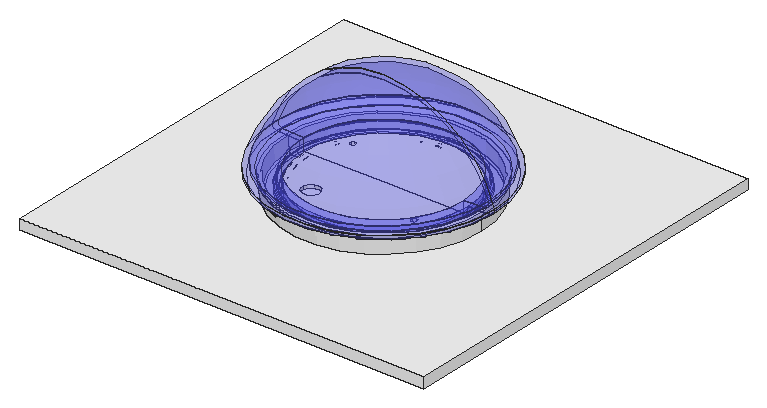
Revit family "BE_12223_de_DE", category Leuchten, Revit 2020
Family settings
  Basisbauteil = Fläche
  Bemaßung runder Anschluss = Durchmesser verwenden
  Teiletyp = Normal
  Beim Laden mit Abzugskörper schneiden = Ja
  Lichtquelle = Ja
  Gemeinsam genutzt = Nein
  Raumberechnungspunkt = Ja
Parameters (values of type "BEGA_12223_K3")
  built-in parameter 1150104 = 16.221 (stored number, unit not read)
  Wattage = 6.7 W
  Default Elevation = 0 mm
  built-in parameter 1150113 = 1 (stored number, unit not read)
  built-in parameter 1114218 = 1 (stored number, unit not read)
  Umgebungstemperatur = "25 °C"
  URL = "https://www.bega.com/de/produkt/12223"
  Typenkommentare = "© 2022 BEGA. Wir behalten uns das Recht vor, technische Änderungen ohne vorherige Ankündigung vorzunehmen."  # constant formula
  built-in parameter 1150134 = 12
  built-in parameter 1150109 = 1 (stored number, unit not read)
  Strom = ""
  built-in parameter 1150110 = 1 (stored number, unit not read)
  Spannung = 239.996 V
  Sonderanfertigung = no
  Seriennummer [instance] = "Hier können Sie die eindeutige Seriennummer für das Facility Management eintragen."
  Schutzklasse = "I"
  Schutzart = "IP 44"
  Scheinlast = 0 VA
  Produktdatenblatt = "http://www.bega.de/download/Xrfa/db/12223.db.de.pdf"
  Oberflächentemperatur = ""
  Neigungswinkel = 0.00°
  Model = "12223K4"
  Material_17 = BEGA_Reflektor
  Material_15 = BEGA_Leuchtmedium_matt
  Material_11 = BEGA_Glas_opal
  Material_09 = BEGA_Glas_klar
  Material_06 = BEGA_Oberfläche_Edelstahl_gebürstet
  Material_03 = BEGA_Oberfläche_Weiss_matt
  Material_02 = BEGA_Oberfläche_Silber_matt
  Material_01 [instance] = BEGA_Oberfläche_Grafit_matt
  M_W = no
  M_G = no
  M_A = no
  Logo = 0
  built-in parameter 1114217 = 1 (stored number, unit not read)
  built-in parameter 1150139 = (empty or 0)
  built-in parameter 1150105 = 93.091 (stored number, unit not read)
  built-in parameter 1150114 = 1 (stored number, unit not read)
  Lumens = 1169.82 lm
  built-in parameter 1150115 = 1 (stored number, unit not read)
  Leuchtenlichtstrom = "805 lm"
  Leuchtenanzahl = ""
  Lebensdauerkriterien = "L70B50 @ 25 °C = 500000 h"
  Lastklassifizierung = Beleuchtung
  built-in parameter 1150112 = 1 (stored number, unit not read)
  Lampenlichtstrom = "1170 lm"
  Lampe = "LED 6.7 W"
  LED_Modulbezeichnung = "LED-0521/940"
  Hersteller = "BEGA"  # constant formula
  Halbstreuwinkel = ""
  Gewicht = "1.1 kg"
  Gebrauchslageneinschränkung [instance] = ""
  Frequenz = "50-60 Hz"
  Farbwiedergabeindex = "CRI > 90"
  Farbtemperaturverschiebung bei Dämpfen der Lampe = <Keine Auswahl>
  Farbtemperatur = "4000 K"
  Color Filter = 16777215
  built-in parameter 1150133 = 10 (stored number, unit not read)
  Energieeffizienzklasse = "LED A++ - A"
  built-in parameter 1150137 = (empty or 0)
  built-in parameter 1150132 = (empty or 0)
  ENEC = ""
  Dimmbar [instance] = ""
  Photometric Web File = "BE_12223K4_PRE.IES"
  CE_Konformität = "ja"
  Bestellnummer = "12223K4"
  Beschreibung_Sonderanfertigung = "Hier können Sie Informationen zur Sonderanfertigung eintragen."
  Beschreibung = "Decken- und Wandleuchte"
  built-in parameter 1150106 = 0.93091 (stored number, unit not read)
  Befestigungsbohrung = "Ø 5,5 mm"
  Befestigungsabstand = "130 mm"
  Ballwurfsicher = ""
  BEGA_Intern_aus = yes
  BEGA_Intern_an = yes
  BEGA_Intern_Konstruktion = yes
  BEGA_Intern = yes
  BEGA_IES = yes
  BEGA_Dummy = no
  Anschlussleitung = ""
  Anschlussleistung [instance] = "8.4 W"
  Anschlusskasten = ""
  built-in parameter 1150107 = 4000 (stored number, unit not read)
  built-in parameter 1150102 = (empty or 0)
  built-in parameter 1150138 = (empty or 0)
  Aktualisierung = "2020-07-14T04:00:13"
  Abstand_zur_angestrahlten_Fläche [instance] = ""
  AC/DC = "AC"
Types (2, lengths in mm): name | built-in parameter 1150104 | built-in parameter 1150134 | Model | built-in parameter 1150105 | Lumens | Leuchtenlichtstrom | Lampenlichtstrom | LED_Modulbezeichnung | Farbtemperatur | Photometric Web File | Bestellnummer | built-in parameter 1150106 | built-in parameter 1150107
  BEGA_12223_K3 | 15.32 (stored number, unit not read) | (empty or 0) | "12223K3" | 87.92 (stored number, unit not read) | 1104.83 lm | "780 lm" | "1105 lm" | "LED-0521/930" | "3000 K" | "BE_12223K3.IES" | "12223K3" | 0.8792 (stored number, unit not read) | 3000 (stored number, unit not read)
  BEGA_12223_K27 | 16.221 (stored number, unit not read) | 12 | "12223K27" | 93.091 (stored number, unit not read) | 1169.82 lm | "769 lm" | "1090 lm" | "LED-0521/927" | "2700 K" | "BE_12223K27.IES" | "12223K27" | 0.93091 (stored number, unit not read) | 4000 (stored number, unit not read)
Reference planes
  plane 1 "Mitte (Vorne/Hinten)": y = 0
  plane 2: z = 0
  plane 3 "Mitte (Links/Rechts)": x = 0
  plane 4 "Links": x = -110.069
  plane 5 "Rechts": x = 110.069
  plane 6 "Unten": y = -109.887
  plane 7 "Oben": y = 109.887
  plane 8 "Vorne": z = 109.5
  plane 9 "Hinten": z = 0
Forms (mm)
  Extrusion 1, solid, material "BEGA_Platte_Weiss"
    sketch origin (0, -1119.2, 0) x (1, 0, 0) y (0, 1, 0)
      loop
        line (-200, 1319.2) -> (-200, 919.2) -> (200, 919.2) -> (200, 1319.2) -> (-200, 1319.2)
    from 0 to -10
  Extrusion 2, solid, material "BEGA_Dummy_matt", visible <- "BEGA_Dummy"
    sketch origin (77.149, -76.023, 0) x (1, 0, 0) y (0, 1, 0)
      loop
        circle (-77.149, 76.023) r 110
    from 0 to 109.5
Dimensions and locks
  plane 1 "Mitte (Vorne/Hinten)" to Extrusion 1 = 200 mm
  aligned and locked: plane 2 to Extrusion 1
  aligned and locked: level to Extrusion 1
Nested families
  nested 1: "BE_12223" at (0, 0, 0), type "BE_12223"
Connectors
  electrical at (0, 0, 0), driven by "Lastklassifizierung", driven by "Spannung", driven by "Scheinlast"
    settings: index 1, voltage 239.996 V, apparent load 0 VA, apparent load phase1 0 VA, apparent load phase2 0 VA, apparent load phase3 0 VA, power factor 1, load classification "Beleuchtung", number of poles 1, system type 31, power factor state 1, is connector primary yes, connector utility no, sub classification motor no, connector description ""
Definition of nested family "BE_12223"
  Parameters (values of type "BE_12223")
    Default Elevation = 1 mm
    URL = "http://www.bega.de/de/produkt"
    Type Comments = "© 2015 BEGA. Wir behalten uns das Recht vor, technische Änderungen ohne vorherige Ankündigung vorzunehmen. "  # constant formula
    Type Image = (empty or 0)
    Neigungswinkel_um_Z2 = 0.00°
    Neigungswinkel_um_Z1 = 0.00°
    Neigungswinkel_um_Y2 = 0.00°
    Neigungswinkel_um_Y1 = 0.00°
    Neigungswinkel_um_X2 = 0.00°
    Neigungswinkel_um_X1 = 0.00°
    Material_17 = none
    Material_15 = none
    Material_11 = none
    Material_09 = none
    Material_06 = none
    Material_05 = none
    Material_03 = none
    Material_02 = none
    Material_01 = none
    M_W = yes
    M_G = yes
    M_A = yes
    Länge_Platte = 300 mm  # constant formula
    Höhe_Platte = -10 mm  # constant formula
    Manufacturer = "BEGA"  # constant formula
    Drehwinkel_um_Z2 = 0.00°
    Drehwinkel_um_Z1 = 0.00°
    Breite_Platte = 300 mm  # constant formula
  Reference planes
    plane 1 "Mitte (Oben/Unten)": y = 0
    plane 2: z = 0
    plane 3 "Mitte (Links/Rechts)": x = 0
    plane 4: x = -110.069
    plane 5: z = 109.5
    plane 6: x = 110.069
    plane 7: y = -109.887
    plane 8: y = 109.887
  Forms (mm)
    Extrusion 1, solid, detail levels medium
      sketch origin (0, 0, 0) x (1, 0, 0) y (0, 1, 0)
        loop
          line (-150, 150) -> (-150, -150) -> (150, -150) -> (150, 150) -> (-150, 150)
      from 0 to -10 <- "Höhe_Platte"
    Revolve 2, solid, material <- "Material_03", detail levels medium+fine
      sketch origin (0, 0, 0) x (1, 0, 0) y (0, 0, 1)
        loop
          line (-98.25, 22.5) -> (-98.25, 20.5) -> (-97.082, 20.5) -> (-96.54, 5) -> (-78.827, 5)
          arc (-78.827, 5) -> (-76.742, 5.843) -> (-75.829, 7.899) r 3
          line (-75.829, 7.899) -> (-75.787, 9.108)
          arc (-75.787, 9.108) -> (-74.871, 11.159) -> (-72.789, 12) r 3
          line (-72.789, 12) -> (0, 12) -> (0, 14.5) -> (-78, 14.5) -> (-78.194, 8.948)
          arc (-78.194, 8.948) -> (-78.651, 7.921) -> (-79.693, 7.5) r 1.5
          line (-79.693, 7.5) -> (-92.778, 7.5)
          arc (-92.778, 7.5) -> (-93.819, 7.92) -> (-94.277, 8.946) r 1.5
          line (-94.277, 8.946) -> (-94.75, 22.5) -> (-98.25, 22.5)
        axis (0, 5) -> (0, 22.5)
      angle from 0 to 360
    Revolve 3, solid, material <- "Material_03", detail levels medium+fine
      sketch origin (0, 85, 0) x (1, 0, 0) y (0, 0, 1)
        loop
          line (0, 0) -> (0, 5) -> (-3.797, 5)
          arc (-3.797, 5) -> (-3.151, 4.763) -> (-2.811, 4.164) r 1
          line (-2.811, 4.164) -> (-2.466, 2.086)
          arc (-2.466, 2.086) -> (-1.615, 0.592) -> (0, 0) r 2.5
        axis (0, 0) -> (0, 5)
      angle from 0 to 360
    Revolve 4, solid, material <- "Material_03", detail levels medium+fine
      sketch origin (73.612, -42.5, 0) x (-0.5, -0.866025, 0) y (0, 0, 1)
        loop
          line (0, 0) -> (0, 5) -> (-3.797, 5)
          arc (-3.797, 5) -> (-3.151, 4.763) -> (-2.811, 4.164) r 1
          line (-2.811, 4.164) -> (-2.466, 2.086)
          arc (-2.466, 2.086) -> (-1.615, 0.592) -> (0, 0) r 2.5
        axis (0, 0) -> (0, 5)
      angle from 0 to 360
    Revolve 5, solid, material <- "Material_03", detail levels medium+fine
      sketch origin (-73.612, -42.5, 0) x (-0.5, 0.866025, 0) y (0, 0, 1)
        loop
          line (0, 0) -> (0, 5) -> (-3.797, 5)
          arc (-3.797, 5) -> (-3.151, 4.763) -> (-2.811, 4.164) r 1
          line (-2.811, 4.164) -> (-2.466, 2.086)
          arc (-2.466, 2.086) -> (-1.615, 0.592) -> (0, 0) r 2.5
        axis (0, 0) -> (0, 5)
      angle from 0 to 360
    Extrusion 6, void
      sketch origin (0, 0, 0) x (1, 0, 0) y (0, 1, 0)
        loop
          circle (-36, -45) r 8.5
        loop
          circle (-56.292, 32.5) r 2.75
        loop
          circle (56.292, -32.5) r 2.75
      from 3 to 15.751
    Revolve 7, solid, material <- "Material_11", detail levels medium+fine
      sketch origin (0, 0, 0) x (1, 0, 0) y (0, 0, 1)
        loop
          arc (-80.257, 10.47) -> (-81.115, 10.288) -> (-81.5, 9.5) r 1
          line (-81.5, 9.5) -> (-85.5, 9.5) -> (-85.5, 13.063)
          arc (-85.5, 13.063) -> (-85.294, 13.671) -> (-84.76, 14.028) r 1
          line (-84.76, 14.028) -> (-83.744, 14.301)
          arc (-83.744, 14.301) -> (-83.208, 14.657) -> (-83, 15.267) r 1
          line (-83, 15.267) -> (-83, 22.002) -> (-106.278, 23.222)
          arc (-106.278, 23.222) -> (-109.353, 24.932) -> (-109.887, 28.409) r 4
          arc (-109.887, 28.409) -> (-68.284, 87.033) -> (0, 109.5) r 115
          line (0, 109.5) -> (0, 105.5)
          arc (0, 105.5) -> (-63.138, 85.794) -> (-103.858, 33.673) r 111
          arc (-103.858, 33.673) -> (-103.396, 29.149) -> (-99.461, 26.87) r 5
          line (-99.461, 26.87) -> (-79, 25.798) -> (-79, 11.5)
          arc (-79, 11.5) -> (-79.385, 10.712) -> (-80.243, 10.53) r 1
        axis (0, 109.5) -> (0, 9.5)
      angle from 0 to 360
  Cuts and joins
    Extrusion 6 cuts Revolve 2
    joined: Revolve 2, Revolve 3, Revolve 4, Revolve 5
  Dimensions and locks
    equal spacing: Extrusion 1 sketch curve, plane 3 "Mitte (Links/Rechts)", Extrusion 1 sketch curve
    equal spacing: Extrusion 1 sketch curve, plane 1 "Mitte (Oben/Unten)", Extrusion 1 sketch curve
    "Länge_Platte": Extrusion 1 sketch curve to Extrusion 1 sketch curve
    "Breite_Platte": Extrusion 1 sketch curve to Extrusion 1 sketch curve
    aligned and locked: Extrusion 1 to plane 2
    aligned and locked: level to Extrusion 1
  Automatic sketch dimensions
    Revolve 2 sketch curve to plane 3 "Mitte (Links/Rechts)" = 0 mm  (x2)
    Revolve 2 sketch curve to level = 0 mm
    level to Revolve 2 sketch curve = 9 mm
    level to Revolve 2 sketch curve = 9.108 mm
    Revolve 2 sketch curve to Revolve 2 sketch curve = 2.998 mm
    level to Revolve 2 sketch curve = 7.899 mm
    Revolve 2 sketch curve to Revolve 2 sketch curve = 0.042 mm
    Revolve 2 sketch curve to Revolve 2 sketch curve = 2.213 mm
    level to Revolve 2 sketch curve = 8.948 mm
    Revolve 2 sketch curve to Revolve 2 sketch curve = 2.407 mm
    Revolve 2 sketch curve to Revolve 2 sketch curve = 0.633 mm
    Revolve 2 sketch curve to Revolve 2 sketch curve = 0.866 mm  (x2)
    Revolve 2 sketch curve to Revolve 2 sketch curve = 13.085 mm
    level to Revolve 2 sketch curve = 8.946 mm
    Revolve 2 sketch curve to Revolve 2 sketch curve = 1.499 mm
    Revolve 2 sketch curve to Revolve 2 sketch curve = 0.473 mm
    Revolve 2 sketch curve to Revolve 2 sketch curve = 2.264 mm
    Revolve 2 sketch curve to Revolve 2 sketch curve = 2.332 mm
    Revolve 2 sketch curve to Revolve 2 sketch curve = 1.168 mm
    Revolve 2 sketch curve to Revolve 2 sketch curve = 3.946 mm
    Revolve 2 sketch curve to Revolve 2 sketch curve = 0.948 mm
    Revolve 2 sketch curve to Revolve 2 sketch curve = 1 mm
    Revolve 2 sketch curve to Revolve 2 sketch curve = 0.054 mm
    level to Revolve 2 sketch curve = 12 mm
    Revolve 2 sketch curve to Revolve 2 sketch curve = 2.5 mm
    Revolve 2 sketch curve to Revolve 2 sketch curve = 11.554 mm
    Revolve 2 sketch curve to Revolve 2 sketch curve = 2 mm
    Revolve 2 sketch curve to Revolve 2 sketch curve = 0 mm  (x8)
    Revolve 2 sketch curve to Revolve 2 sketch curve = 6 mm
    Revolve 3 sketch curve to Revolve 3 sketch curve = 1.332 mm
    Revolve 3 sketch curve to Revolve 3 sketch curve = 2.5 mm
    Revolve 3 sketch curve to Revolve 3 sketch curve = 0 mm  (x6)
    Revolve 3 sketch curve to Revolve 3 sketch curve = 0.986 mm
    Revolve 3 sketch curve to Revolve 3 sketch curve = 2.466 mm
    Revolve 3 sketch curve to Revolve 3 sketch curve = 2.086 mm
    Revolve 3 sketch curve to Revolve 3 sketch curve = 1 mm
    Revolve 3 sketch curve to Revolve 3 sketch curve = 0.164 mm
    Revolve 4 sketch curve to Revolve 4 sketch curve = 1.332 mm
    Revolve 4 sketch curve to Revolve 4 sketch curve = 2.5 mm
    Revolve 4 sketch curve to Revolve 4 sketch curve = 0 mm  (x6)
    Revolve 4 sketch curve to Revolve 4 sketch curve = 0.986 mm
    Revolve 4 sketch curve to Revolve 4 sketch curve = 2.466 mm
    Revolve 4 sketch curve to Revolve 4 sketch curve = 2.086 mm
    Revolve 4 sketch curve to Revolve 4 sketch curve = 1 mm
    Revolve 4 sketch curve to Revolve 4 sketch curve = 0.164 mm
    Revolve 5 sketch curve to Revolve 5 sketch curve = 1.332 mm
    Revolve 5 sketch curve to Revolve 5 sketch curve = 2.5 mm
    Revolve 5 sketch curve to Revolve 5 sketch curve = 0 mm  (x6)
    Revolve 5 sketch curve to Revolve 5 sketch curve = 0.986 mm
    Revolve 5 sketch curve to Revolve 5 sketch curve = 2.466 mm
    Revolve 5 sketch curve to Revolve 5 sketch curve = 2.086 mm
    Revolve 5 sketch curve to Revolve 5 sketch curve = 1 mm
    Revolve 5 sketch curve to Revolve 5 sketch curve = 0.164 mm
    Revolve 3 sketch curve to plane 3 "Mitte (Links/Rechts)" = 0 mm
    Revolve 3 sketch curve to level = 0 mm
    level to Revolve 4 sketch curve = 0 mm
    level to Revolve 5 sketch curve = 0 mm
    Extrusion 6 sketch curve to plane 3 "Mitte (Links/Rechts)" = 36 mm
    plane 1 "Mitte (Oben/Unten)" to Extrusion 6 sketch curve = 45 mm
    Revolve 7 sketch curve to plane 3 "Mitte (Links/Rechts)" = 0 mm  (x3)
    level to Revolve 7 sketch curve = 11.5 mm
    Revolve 7 sketch curve to Revolve 7 sketch curve = 1 mm  (x3)
    Revolve 7 sketch curve to Revolve 7 sketch curve = 0.5 mm
    Revolve 7 sketch curve to Revolve 7 sketch curve = 4 mm  (x2)
    level to Revolve 7 sketch curve = 14.301 mm
    Revolve 7 sketch curve to Revolve 7 sketch curve = 0.744 mm
    Revolve 7 sketch curve to Revolve 7 sketch curve = 0.256 mm
    Revolve 7 sketch curve to Revolve 7 sketch curve = 0.756 mm
    level to Revolve 7 sketch curve = 14.028 mm
    Revolve 7 sketch curve to Revolve 7 sketch curve = 0.26 mm
    Revolve 7 sketch curve to Revolve 7 sketch curve = 16.197 mm
    Revolve 7 sketch curve to Revolve 7 sketch curve = 0.264 mm
    Revolve 7 sketch curve to Revolve 7 sketch curve = 6.608 mm
    plane 3 "Mitte (Links/Rechts)" to Revolve 7 sketch curve = 0 mm
    Revolve 7 sketch curve to Revolve 7 sketch curve = 4.528 mm
    Revolve 7 sketch curve to level = 5.5 mm
    Revolve 7 sketch curve to Revolve 7 sketch curve = 0 mm  (x8)
    Revolve 7 sketch curve to Revolve 7 sketch curve = 0.966 mm
    Revolve 7 sketch curve to Revolve 7 sketch curve = 0.967 mm
    Revolve 7 sketch curve to Revolve 7 sketch curve = 6.735 mm
    Revolve 7 sketch curve to Revolve 7 sketch curve = 0.346 mm
    Revolve 7 sketch curve to Revolve 7 sketch curve = 4.993 mm
    level to Revolve 7 sketch curve = 105.5 mm
    Revolve 7 sketch curve to Revolve 7 sketch curve = 0.243 mm
    Revolve 7 sketch curve to Revolve 7 sketch curve = 0.015 mm
    Revolve 7 sketch curve to Revolve 7 sketch curve = 0.209 mm
    Revolve 7 sketch curve to Revolve 7 sketch curve = 3.818 mm
    Revolve 7 sketch curve to Revolve 7 sketch curve = 3.796 mm
    Revolve 7 sketch curve to Revolve 7 sketch curve = 1.072 mm
    Revolve 2 sketch curve to plane 3 "Mitte (Links/Rechts)" = 72.789 mm
    Revolve 7 sketch curve to plane 3 "Mitte (Links/Rechts)" = 79 mm
    Revolve 7 sketch curve to Revolve 7 sketch curve = 28.048 mm
    radius of Extrusion 6 sketch curve = 8.5 mm
